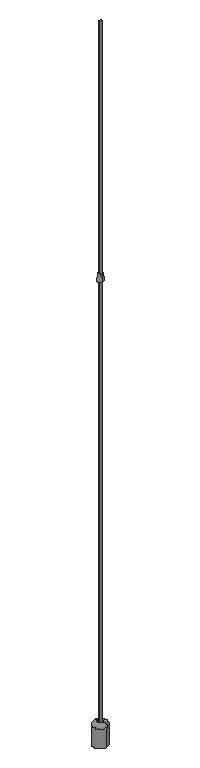
Revit family "Koura 2000", category Lighting Fixtures, host Ceiling, Revit 2017
Family settings
  Host = Ceiling
  Round Connector Dimension = Use Diameter
  Part Type = Normal
  OmniClass Number = 23.80.70.11
  OmniClass Title = Luminaries for Internal Lighting
  Always vertical = Yes
  Cut with Voids When Loaded = No
  Light Source = Yes
  Shared = No
  Room Calculation Point = No
Parameters (values of type "Generic")
  Wattage Comments = "Max. 60 Watts. 110V(US) / 230-240V(EU). Lamp NOT provided."
  Wattage = 6.7321 W
  built-in parameter 1150110 = 1 (stored number, unit not read)
  URL = "https://www.davidtrubridge.com"
  Type Comments = "Ceilig Rose required, contact supplier for options."
  built-in parameter 1114217 = 1 (stored number, unit not read)
  built-in parameter 1150109 = 1 (stored number, unit not read)
  built-in parameter 1150134 = (empty or 0)
  Suspension Top [instance] = Suspension Mid - 200 mm  # 1800 mm
  built-in parameter 1150113 = 1 (stored number, unit not read)
  Model = "Koura 2000"
  Manufacturer = "David Trubridge"
  Lumens = 1000 lm
  built-in parameter 1150115 = 1 (stored number, unit not read)
  built-in parameter 1150105 = 79.577 (stored number, unit not read)
  Suspension Mid [instance] = 2000 mm
  Light Source Symbol Size = 300 mm
  built-in parameter 1150137 = (empty or 0)
  built-in parameter 1150139 = (empty or 0)
  Lamp Wattage = 0 W
  built-in parameter 1150112 = 1 (stored number, unit not read)
  built-in parameter 1150114 = 1 (stored number, unit not read)
  Lamp = "E27 / (E26 USA)"
  built-in parameter 1150132 = 2
  built-in parameter 1150102 = (empty or 0)
  built-in parameter 1150138 = (empty or 0)
  built-in parameter 1150107 = 3000 (stored number, unit not read)
  built-in parameter 1150106 = 0.79577 (stored number, unit not read)
  built-in parameter 1150104 = 13.8 (stored number, unit not read)
  Dimming Lamp Color Temperature Shift = <None>
  Description = "Pendant in bamboo plywood. Can be made in a large range of colours. Lamp is not supplied"
  Cordset Finish = Plastic, Opaque White
  Color Filter = 16777215
  built-in parameter 1114218 = 1 (stored number, unit not read)
  built-in parameter 1150133 = 10 (stored number, unit not read)
  Apparent Load = 0 VA
Reference planes
  plane 1 "Light Source Axis (F/B)": y = 0
  plane 2: z = 0
  plane 3 "Light Source Axis (L/R)": x = 0
  plane 4 "Ceiling": z = 4000
  plane 5 "Light Source Elevation": z = 2000
  plane 6 "Top of pendant": z = 3300
  plane 7 "Light Socket": z = 2050
  plane 8 "Outer edge": x = -576.92
  plane 9 "Outer Edge": x = 576.896
  plane 10 "Bottom of Pendant": z = 1300
Forms (mm)
  Revolve 1, solid, material "Plastic, Opaque White" <- "Cordset Finish"
    sketch origin (0, 0, -205) x (1, 0, 0) y (0, 0, 1)
      loop
        line (0, 2317) -> (0, 2255) -> (20, 2255) -> (20, 2307)
        arc (20, 2307) -> (17.071, 2314.071) -> (10, 2317) r 10
        line (10, 2317) -> (0, 2317)
      axis (0, 2255) -> (0, 2317)
    angle from 0 to 360
  Extrusion 2, solid, material "Plastic, Opaque White" <- "Cordset Finish"
    sketch origin (0, 0, 3200) x (0, 1, 0) y (-1, 0, 0)
      loop
        circle (0, 0) r 3
    from 100 to 800
  Extrusion 3, solid, material "Plastic, Opaque White" <- "Cordset Finish"
    sketch origin (0, 0, 3200) x (0, 1, 0) y (-1, 0, 0)
      loop
        circle (0, 0) r 3
    from -1150 to 100
  Revolve 4, solid, material "Plastic, Opaque White" <- "Cordset Finish"
    sketch origin (0, 0, -40) x (1, 0, 0) y (0, 0, 1)
      loop
        line (0, 3360) -> (0, 3340) -> (7.5, 3340) -> (5, 3360) -> (0, 3360)
      axis (0, 3340) -> (0, 3360)
    angle from 0 to 360
Dimensions and locks
  equal spacing: host sketch curve, plane 3 "Light Source Axis (L/R)", host sketch curve
  equal spacing: host sketch curve, plane 1 "Light Source Axis (F/B)", host sketch curve
  host sketch curve to host sketch curve = 4000 mm  (x2)
  host ceiling to plane 4 "Ceiling" = 0 mm
  plane 4 "Ceiling" to level = 4000 mm
  "Suspension Mid": plane 5 "Light Source Elevation" to plane 4 "Ceiling"
  locked: plane 5 "Light Source Elevation" to plane 6 "Top of pendant" at 1300
  locked: plane 5 "Light Source Elevation" to plane 7 "Light Socket" at 50
  plane 9 "Outer Edge" to plane 8 "Outer edge" = 1153.816 mm
  plane 8 "Outer edge" to plane 9 "Outer Edge" = 1153.816 mm
  locked: plane 10 "Bottom of Pendant" to plane 6 "Top of pendant" at 2000
  aligned and locked: plane 3 "Light Source Axis (L/R)" to imposter light
  aligned and locked: plane 1 "Light Source Axis (F/B)" to imposter light
  aligned and locked: plane 5 "Light Source Elevation" to imposter light
  aligned and locked: plane 6 "Top of pendant" to Extrusion 2
  aligned and locked: Extrusion 3 to Revolve 1
  aligned and locked: plane 7 "Light Socket" to Extrusion 3
  aligned and locked: level to plane 2
  aligned and locked: Extrusion 3 to plane 6 "Top of pendant"
  aligned and locked: Extrusion 2 to plane 4 "Ceiling"
  aligned and locked: plane 4 "Ceiling" to host ceiling
  aligned and locked: import instance to plane 6 "Top of pendant"
Automatic sketch dimensions
  Revolve 1 sketch curve to plane 3 "Light Source Axis (L/R)" = 0 mm
  plane 3 "Light Source Axis (L/R)" to Revolve 1 sketch curve = 0 mm
  plane 3 "Light Source Axis (L/R)" to Revolve 1 sketch curve = 10 mm
  Revolve 1 sketch curve to Revolve 1 sketch curve = 20 mm
  Revolve 1 sketch curve to plane 5 "Light Source Elevation" = 50 mm
  Revolve 1 sketch curve to Revolve 1 sketch curve = 52 mm
  Revolve 1 sketch curve to level = 563.228 mm
  Revolve 1 sketch curve to plane 4 "Ceiling" = 157.185 mm
  plane 1 "Light Source Axis (F/B)" to Extrusion 2 sketch curve = 0 mm
  Extrusion 2 sketch curve to plane 3 "Light Source Axis (L/R)" = 0 mm
  plane 1 "Light Source Axis (F/B)" to Extrusion 3 sketch curve = 0 mm
  Extrusion 3 sketch curve to plane 3 "Light Source Axis (L/R)" = 0 mm
  Revolve 4 sketch curve to plane 3 "Light Source Axis (L/R)" = 0 mm  (x2)
  Revolve 4 sketch curve to plane 6 "Top of pendant" = 0 mm
  plane 3 "Light Source Axis (L/R)" to Revolve 4 sketch curve = 5 mm
  plane 3 "Light Source Axis (L/R)" to Revolve 4 sketch curve = 7.5 mm
  Revolve 4 sketch curve to plane 6 "Top of pendant" = 20 mm
  Revolve 4 sketch curve to level = 344.8 mm
  plane 4 "Ceiling" to Revolve 4 sketch curve = 40 mm
  radius of Extrusion 2 sketch curve = 3 mm
  radius of Extrusion 3 sketch curve = 3 mm
Connectors
  electrical at (0, 0, 4000)
    settings: index 1, voltage 0 V, apparent load 0 VA, apparent load phase1 0 VA, apparent load phase2 0 VA, apparent load phase3 0 VA, power factor 1, load classification "Other", number of poles 1, system type 30, power factor state 0, is connector primary yes, connector utility no, sub classification motor no, connector description ""
